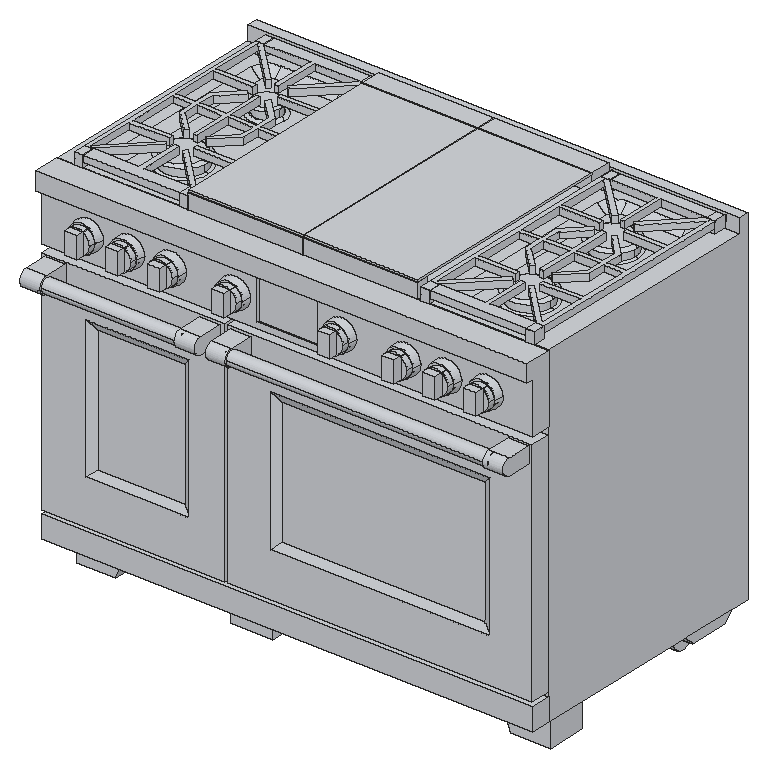
Revit family "DF48450DG_S_P", category Generic Models, Revit 2020
Family settings
  Can host rebar = No
  Round Connector Dimension = Use Diameter
  Part Type = Normal
  Work Plane-Based = No
  Always vertical = Yes
  Cut with Voids When Loaded = No
  Shared = No
  Room Calculation Point = No
Parameters
  Default Elevation = 0' - 0"
Reference planes (in)
  plane 1 "Center (Front/Back)": y = 0
  plane 2: z = 0
  plane 3 "Center (Left/Right)": x = 0
Forms (in)
  Extrusion 1, solid
    sketch origin (0, 0, 0) x (0, 1, 0) y (0, 0, 1)
      loop
        line (1.88976, 35.59055) -> (-0.70866, 35.59055) -> (-0.70866, 33.89764) -> (0, 33.89764) -> (0, 28.9252) -> (1.88976, 28.9252) -> (1.88976, 35.59055)
    from 0 to 47.87401
  Extrusion 2, solid
    sketch origin (0, 0, 0) x (0, 1, 0) y (0, 0, 1)
      loop
        line (26.14173, 36.9685) -> (25.15748, 36.9685) -> (25.15748, 35.59055) -> (1.9685, 35.59055) -> (1.9685, 3.14961) -> (26.14173, 3.14961) -> (26.14173, 36.9685)
    from 0 to 47.87401
  Extrusion 3, solid
    sketch origin (0, 0, 0) x (0, 1, 0) y (0, 0, 1)
      loop
        line (1.9685, 5.31496) -> (0, 5.31496) -> (0, 3.14961) -> (1.9685, 3.14961) -> (1.9685, 5.31496)
    from 0 to 47.87401
  Extrusion 4, solid
    sketch origin (0, 0, 0) x (0, 1, 0) y (0, 0, 1)
      loop
        line (0, 28.18898) -> (0, 5.70866) -> (1.9685, 5.70866) -> (1.9685, 28.18898) -> (0, 28.18898)
    from 0 to 17.79528
  Extrusion 5, solid
    sketch origin (0, 0, 0) x (0, 1, 0) y (0, 0, 1)
      loop
        line (0, 26.41732) -> (0, 27.99213) -> (-2.3622, 27.99213)
        arc (-2.3622, 27.99213) -> (-3.14961, 27.20472) -> (-2.3622, 26.41732) r 0.7874
        line (-2.3622, 26.41732) -> (0, 26.41732)
    from 0.40557 to 2.36419
  Extrusion 6, solid
    sketch origin (26.75, 0, 0) x (0, 1, 0) y (0, 0, 1)
      loop
        line (0, 26.41732) -> (0, 27.99213) -> (-2.3622, 27.99213)
        arc (-2.3622, 27.99213) -> (-3.14961, 27.20472) -> (-2.3622, 26.41732) r 0.7874
        line (-2.3622, 26.41732) -> (0, 26.41732)
    from -11.31693 to -9.35529
  Extrusion 7, solid
    sketch origin (0, 0, 0) x (0, 1, 0) y (0, 0, 1)
      loop
        circle (-2.41707, 27.24489) r 0.66649
    from 1.8261 to 15.89362
  Extrusion 8, solid
    sketch origin (0, 0, 0) x (1, 0, 0) y (0, 0, 1)
      loop
        line (0.84646, 3.14961) -> (0.84646, 0) -> (4.66535, 0) -> (5.90551, 3.14961) -> (0.84646, 3.14961)
    from -7.02923 to -3.18791
  Extrusion 9, solid
    sketch origin (17.99213, 0, 0) x (1, 0, 0) y (0, 0, 1)
      loop
        line (23.97638, 3.14961) -> (25.21654, 0) -> (29.03543, 0) -> (29.03543, 3.14961) -> (23.97638, 3.14961)
    from -7.02923 to -3.18791
  Extrusion 10, solid
    sketch origin (0, 0, 0) x (0, 1, 0) y (0, 0, 1)
      loop
        line (24.17323, 3.14961) -> (18.66142, 3.14961) -> (19.45248, 2.27893) -> (23.38927, 2.27893) -> (24.17323, 3.14961)
    from 0 to 4.72441
  Extrusion 11, solid
    sketch origin (0, 0, 0) x (0, 1, 0) y (0, 0, 1)
      loop
        line (22.5954, 2.27893) -> (20.23924, 2.27893) -> (21.02362, 1.10236) -> (21.81102, 1.10236) -> (22.5954, 2.27893)
    from 1.5748 to 3.93701
  Extrusion 12, solid
    sketch origin (0, 0, 0) x (0, 1, 0) y (0, 0, 1)
      loop
        circle (21.41732, 1.10236) r 1.1236
    from 2.55906 to 2.95276
  Extrusion 13, solid
    sketch origin (43.14961, 0, 0) x (0, 1, 0) y (0, 0, 1)
      loop
        line (24.17323, 3.14961) -> (18.66142, 3.14961) -> (19.45248, 2.27893) -> (23.38927, 2.27893) -> (24.17323, 3.14961)
    from 0 to 4.72441
  Extrusion 14, solid
    sketch origin (42.36522, 0, 0) x (0, 1, 0) y (0, 0, 1)
      loop
        line (22.5954, 2.27893) -> (20.23924, 2.27893) -> (21.02362, 1.10236) -> (21.81102, 1.10236) -> (22.5954, 2.27893)
    from 1.5748 to 3.93701
  Extrusion 15, solid
    sketch origin (42.36522, 0, 0) x (0, 1, 0) y (0, 0, 1)
      loop
        circle (21.41732, 1.10236) r 1.1236
    from 2.55906 to 2.95276
  Blend 16, solid
    base sketch origin (0.90551, 0, 0) x (1, 0, 0) y (0, 0, 1)
      loop
        circle (3.62205, 31.31299) r 1.45314
    top sketch origin (0.90551, 0, 0) x (1, 0, 0) y (0, 0, 1)
      loop
        circle (3.62205, 31.31299) r 1.33532
    from 0 to 0.7874
  Extrusion 17, solid
    sketch origin (0.90551, 0, 0) x (1, 0, 0) y (0, 0, 1)
      loop
        circle (3.62205, 31.31299) r 1.21601
    from 0 to 1.37795
  Extrusion 18, solid
    sketch origin (0.90551, 0, 0) x (1, 0, 0) y (0, 0, 1)
      loop
        line (3.0315, 32.37598) -> (3.0315, 30.29013) -> (4.2126, 30.29013) -> (4.2126, 32.37598) -> (3.0315, 32.37598)
    from 0 to 2.15573
  Blend 19, solid, not visible
    base sketch origin (0, 0, 0) x (1, 0, 0) y (0, 0, 1)
      loop
        circle (3.62205, 31.31299) r 1.45314
    top sketch origin (0, 0, 0) x (1, 0, 0) y (0, 0, 1)
      loop
        circle (3.62205, 31.31299) r 1.33532
    from 0 to 0.7874
  Extrusion 20, solid, not visible
    sketch origin (0, 0, 0) x (1, 0, 0) y (0, 0, 1)
      loop
        circle (3.62205, 31.31299) r 1.21601
    from 0 to 1.37795
  Extrusion 21, solid, not visible
    sketch origin (0, 0, 0) x (1, 0, 0) y (0, 0, 1)
      loop
        line (3.0315, 32.37598) -> (3.0315, 30.29013) -> (4.2126, 30.29013) -> (4.2126, 32.37598) -> (3.0315, 32.37598)
    from 0 to 2.15573
  Blend 22, solid
    base sketch origin (4.92126, 0, 0) x (1, 0, 0) y (0, 0, 1)
      loop
        circle (3.62205, 31.31299) r 1.45314
    top sketch origin (4.92126, 0, 0) x (1, 0, 0) y (0, 0, 1)
      loop
        circle (3.62205, 31.31299) r 1.33532
    from 0 to 0.7874
  Extrusion 23, solid
    sketch origin (4.92126, 0, 0) x (1, 0, 0) y (0, 0, 1)
      loop
        circle (3.62205, 31.31299) r 1.21601
    from 0 to 1.37795
  Extrusion 24, solid
    sketch origin (4.92126, 0, 0) x (1, 0, 0) y (0, 0, 1)
      loop
        line (3.0315, 32.37598) -> (3.0315, 30.29013) -> (4.2126, 30.29013) -> (4.2126, 32.37598) -> (3.0315, 32.37598)
    from 0 to 2.15573
  Blend 25, solid
    base sketch origin (9.00306, 0, 0) x (1, 0, 0) y (0, 0, 1)
      loop
        circle (3.62205, 31.31299) r 1.45314
    top sketch origin (9.00306, 0, 0) x (1, 0, 0) y (0, 0, 1)
      loop
        circle (3.62205, 31.31299) r 1.33532
    from 0 to 0.7874
  Extrusion 26, solid
    sketch origin (9.00306, 0, 0) x (1, 0, 0) y (0, 0, 1)
      loop
        circle (3.62205, 31.31299) r 1.21601
    from 0 to 1.37795
  Extrusion 27, solid
    sketch origin (9.00306, 0, 0) x (1, 0, 0) y (0, 0, 1)
      loop
        line (3.0315, 32.37598) -> (3.0315, 30.29013) -> (4.2126, 30.29013) -> (4.2126, 32.37598) -> (3.0315, 32.37598)
    from 0 to 2.15573
  Blend 28, solid
    base sketch origin (15.23622, 0, 0) x (1, 0, 0) y (0, 0, 1)
      loop
        circle (3.62205, 31.31299) r 1.45314
    top sketch origin (15.23622, 0, 0) x (1, 0, 0) y (0, 0, 1)
      loop
        circle (3.62205, 31.31299) r 1.33532
    from 0 to 0.7874
  Extrusion 29, solid
    sketch origin (15.23622, 0, 0) x (1, 0, 0) y (0, 0, 1)
      loop
        circle (3.62205, 31.31299) r 1.21601
    from 0 to 1.37795
  Extrusion 30, solid
    sketch origin (15.23622, 0, 0) x (1, 0, 0) y (0, 0, 1)
      loop
        line (3.0315, 32.37598) -> (3.0315, 30.29013) -> (4.2126, 30.29013) -> (4.2126, 32.37598) -> (3.0315, 32.37598)
    from 0 to 2.15573
  Blend 31, solid
    base sketch origin (25.59072, 0, 0) x (1, 0, 0) y (0, 0, 1)
      loop
        circle (3.62205, 31.31299) r 1.45314
    top sketch origin (25.59072, 0, 0) x (1, 0, 0) y (0, 0, 1)
      loop
        circle (3.62205, 31.31299) r 1.33532
    from 0 to 0.7874
  Extrusion 32, solid
    sketch origin (25.59072, 0, 0) x (1, 0, 0) y (0, 0, 1)
      loop
        circle (3.62205, 31.31299) r 1.21601
    from 0 to 1.37795
  Extrusion 33, solid
    sketch origin (25.59072, 0, 0) x (1, 0, 0) y (0, 0, 1)
      loop
        line (3.0315, 32.37598) -> (3.0315, 30.29013) -> (4.2126, 30.29013) -> (4.2126, 32.37598) -> (3.0315, 32.37598)
    from 0 to 2.15573
  Extrusion 34, void
    sketch origin (0, 0, 0) x (1, 0, 0) y (0, 0, 1)
      loop
        line (26.89068, 33.47638) -> (20.99005, 33.47638) -> (20.99005, 29.46063) -> (26.89068, 29.46063) -> (26.89068, 33.47638)
    from -0.22861 to 12
  Blend 35, void
    base sketch origin (0, 0, 0) x (1, 0, 0) y (0, 0, 1)
      loop
        line (5.09843, 23.05118) -> (5.09843, 10.84646) -> (13.58268, 10.84646) -> (13.58268, 23.05118) -> (5.09843, 23.05118)
    top sketch origin (0, 0, 0) x (1, 0, 0) y (0, 0, 1)
      loop
        line (14.37008, 23.83858) -> (4.31102, 23.83858) -> (4.31102, 10.05905) -> (14.37008, 10.05905) -> (14.37008, 23.83858)
    from -0.3937 to 0
  Blend 36, void
    base sketch origin (0.17716, 0, 0) x (1, 0, 0) y (0, 1, 0)
      loop
        arc (4.14855, 22.95276) -> (3.56747, 22.71206) -> (3.32677, 22.13098) r 0.82178
        line (3.32677, 22.13098) -> (3.32677, 4.8769)
        arc (3.32677, 4.8769) -> (3.56747, 4.29581) -> (4.14855, 4.05512) r 0.82178
        line (4.14855, 4.05512) -> (9.98531, 4.05512)
        arc (9.98531, 4.05512) -> (10.56639, 4.29581) -> (10.80709, 4.8769) r 0.82178
        line (10.80709, 4.8769) -> (10.80709, 22.13098)
        arc (10.80709, 22.13098) -> (10.56639, 22.71206) -> (9.98531, 22.95276) r 0.82178
        line (9.98531, 22.95276) -> (4.14855, 22.95276)
    top sketch origin (0.17716, 0, 0) x (1, 0, 0) y (0, 1, 0)
      loop
        arc (4.12346, 23.74016) -> (2.98272, 23.26764) -> (2.5102, 22.1269) r 1.61326
        line (2.5102, 22.1269) -> (2.5102, 4.8769)
        arc (2.5102, 4.8769) -> (2.98101, 3.74026) -> (4.11765, 3.26945) r 1.60744
        line (4.11765, 3.26945) -> (10.0306, 3.26945)
        arc (10.0306, 3.26945) -> (11.13644, 3.7275) -> (11.59449, 4.83334) r 1.56388
        line (11.59449, 4.83334) -> (11.59449, 22.13098)
        arc (11.59449, 22.13098) -> (11.12317, 23.26884) -> (9.98531, 23.74016) r 1.60918
        line (9.98531, 23.74016) -> (4.12346, 23.74016)
    from 34.80848 to 35.59055
  Extrusion 37, solid
    sketch origin (0.17716, 0, 0) x (1, 0, 0) y (0, 1, 0)
      loop
        line (1.55512, 25.15748) -> (1.55512, 1.88976) -> (12.57874, 1.88976) -> (12.57874, 25.15748) -> (1.55512, 25.15748)
      loop
        line (2.22659, 23.93701) -> (6.25887, 19.90473) -> (5.97639, 19.62225) -> (1.94342, 23.65522) -> (1.94342, 18.58268) -> (5.88583, 18.58268) -> (5.88583, 18.18898) -> (1.94342, 18.18898) -> (1.94342, 13.70079) -> (3.91732, 13.70079) -> (3.91732, 15.35713) -> (5.94192, 17.38172) -> (6.22031, 17.10333) -> (4.31102, 15.19405) -> (4.31102, 13.70079) -> (6.87008, 13.70079) -> (6.87008, 17.27886) -> (7.26545, 17.27886) -> (7.26545, 13.70079) -> (9.82036, 13.70079) -> (9.82036, 15.19738) -> (7.91548, 17.10225) -> (8.19345, 17.38021) -> (10.21654, 15.35713) -> (10.21654, 13.70079) -> (12.18504, 13.70079) -> (12.18504, 18.18898) -> (8.24803, 18.18898) -> (8.24803, 18.58268) -> (12.18504, 18.58268) -> (12.18504, 23.65908) -> (8.15161, 19.62565) -> (7.86344, 19.91382) -> (11.88664, 23.93701) -> (7.26378, 23.93701) -> (7.26378, 19.6063) -> (6.87008, 19.6063) -> (6.87008, 23.93701) -> (2.22659, 23.93701)
      loop
        line (9.82036, 11.79288) -> (9.82036, 13.30709) -> (7.26545, 13.30709) -> (7.26545, 9.74409) -> (6.87008, 9.74409) -> (6.87008, 13.30709) -> (4.31102, 13.30709) -> (4.31102, 11.81382) -> (6.22187, 9.90297) -> (5.94348, 9.62459) -> (3.91732, 11.65075) -> (3.91732, 13.31073) -> (1.94342, 13.31073) -> (1.94342, 8.38583) -> (5.88583, 8.38583) -> (5.88583, 7.99213) -> (1.94342, 7.99213) -> (1.94342, 3.37305) -> (5.97438, 7.40401) -> (6.26736, 7.11102) -> (2.22655, 3.07021) -> (6.86986, 3.07021) -> (6.86986, 7.40401) -> (7.26545, 7.40401) -> (7.26545, 3.07021) -> (11.90457, 3.07021) -> (7.84812, 7.12666) -> (8.11918, 7.39772) -> (12.18504, 3.33186) -> (12.18504, 7.99213) -> (8.24803, 7.99213) -> (8.24803, 8.38583) -> (12.18504, 8.38583) -> (12.18504, 13.30709) -> (10.21654, 13.30709) -> (10.21654, 11.65075) -> (8.19038, 9.62459) -> (7.92122, 9.89374) -> (9.82036, 11.79288)
    from 36.10253 to 36.77165
  Extrusion 38, solid
    sketch origin (0.17716, 0, 0) x (1, 0, 0) y (0, 1, 0)
      loop
        line (11.79134, 3.07021) -> (11.79134, 1.88976) -> (12.57874, 1.88976) -> (12.57874, 3.07021) -> (11.79134, 3.07021)
      loop
        line (12.57874, 25.11811) -> (11.79134, 25.11811) -> (11.79134, 23.93701) -> (12.57874, 23.93701) -> (12.57874, 25.11811)
      loop
        line (1.55512, 25.11811) -> (1.55512, 23.93701) -> (2.34252, 23.93701) -> (2.34252, 25.11811) -> (1.55512, 25.11811)
      loop
        line (2.34252, 3.07021) -> (1.55512, 3.07021) -> (1.55512, 1.88976) -> (2.34252, 1.88976) -> (2.34252, 3.07021)
    from 35.59055 to 36.77165
  Extrusion 39, solid
    sketch origin (33.91732, 0, 0) x (1, 0, 0) y (0, 1, 0)
      loop
        line (1.55512, 25.15748) -> (1.55512, 1.88976) -> (12.57874, 1.88976) -> (12.57874, 25.15748) -> (1.55512, 25.15748)
      loop
        line (2.22659, 23.93701) -> (6.25887, 19.90473) -> (5.97639, 19.62225) -> (1.94342, 23.65522) -> (1.94342, 18.58268) -> (5.88583, 18.58268) -> (5.88583, 18.18898) -> (1.94342, 18.18898) -> (1.94342, 13.70079) -> (3.91732, 13.70079) -> (3.91732, 15.35713) -> (5.94192, 17.38172) -> (6.22031, 17.10333) -> (4.31102, 15.19405) -> (4.31102, 13.70079) -> (6.87008, 13.70079) -> (6.87008, 17.27886) -> (7.26545, 17.27886) -> (7.26545, 13.70079) -> (9.82036, 13.70079) -> (9.82036, 15.19738) -> (7.91548, 17.10225) -> (8.19345, 17.38021) -> (10.21654, 15.35713) -> (10.21654, 13.70079) -> (12.18504, 13.70079) -> (12.18504, 18.18898) -> (8.24803, 18.18898) -> (8.24803, 18.58268) -> (12.18504, 18.58268) -> (12.18504, 23.65908) -> (8.15161, 19.62565) -> (7.86344, 19.91382) -> (11.88664, 23.93701) -> (7.26378, 23.93701) -> (7.26378, 19.6063) -> (6.87008, 19.6063) -> (6.87008, 23.93701) -> (2.22659, 23.93701)
      loop
        line (9.82036, 11.79288) -> (9.82036, 13.30709) -> (7.26545, 13.30709) -> (7.26545, 9.74409) -> (6.87008, 9.74409) -> (6.87008, 13.30709) -> (4.31102, 13.30709) -> (4.31102, 11.81382) -> (6.22187, 9.90297) -> (5.94348, 9.62459) -> (3.91732, 11.65075) -> (3.91732, 13.31073) -> (1.94342, 13.31073) -> (1.94342, 8.38583) -> (5.88583, 8.38583) -> (5.88583, 7.99213) -> (1.94342, 7.99213) -> (1.94342, 3.37305) -> (5.97438, 7.40401) -> (6.26736, 7.11102) -> (2.22655, 3.07021) -> (6.86986, 3.07021) -> (6.86986, 7.40401) -> (7.26545, 7.40401) -> (7.26545, 3.07021) -> (11.90457, 3.07021) -> (7.84812, 7.12666) -> (8.11918, 7.39772) -> (12.18504, 3.33186) -> (12.18504, 7.99213) -> (8.24803, 7.99213) -> (8.24803, 8.38583) -> (12.18504, 8.38583) -> (12.18504, 13.30709) -> (10.21654, 13.30709) -> (10.21654, 11.65075) -> (8.19038, 9.62459) -> (7.92122, 9.89374) -> (9.82036, 11.79288)
    from 36.10253 to 36.77165
  Extrusion 40, solid
    sketch origin (33.91732, 0, 0) x (1, 0, 0) y (0, 1, 0)
      loop
        line (11.79134, 3.07021) -> (11.79134, 1.88976) -> (12.57874, 1.88976) -> (12.57874, 3.07021) -> (11.79134, 3.07021)
      loop
        line (12.57874, 25.11811) -> (11.79134, 25.11811) -> (11.79134, 23.93701) -> (12.57874, 23.93701) -> (12.57874, 25.11811)
      loop
        line (1.55512, 25.11811) -> (1.55512, 23.93701) -> (2.34252, 23.93701) -> (2.34252, 25.11811) -> (1.55512, 25.11811)
      loop
        line (2.34252, 3.07021) -> (1.55512, 3.07021) -> (1.55512, 1.88976) -> (2.34252, 1.88976) -> (2.34252, 3.07021)
    from 35.59055 to 36.77165
  Blend 41, solid
    base sketch origin (0.17716, 0, 0) x (1, 0, 0) y (0, 1, 0)
      loop
        circle (7.09071, 18.35456) r 1.75898
    top sketch origin (0.17716, 0, 0) x (1, 0, 0) y (0, 1, 0)
      loop
        circle (7.09071, 18.35456) r 1.42487
    from 34.80848 to 34.99711
  Blend 42, solid
    base sketch origin (0.17716, -10.19685, 0) x (1, 0, 0) y (0, 1, 0)
      loop
        circle (7.09071, 18.35456) r 2.38325
    top sketch origin (0.17716, -10.19685, 0) x (1, 0, 0) y (0, 1, 0)
      loop
        circle (7.09071, 18.35456) r 2
    from 34.80848 to 34.99711
  Extrusion 43, solid
    sketch origin (0.17716, 0, 0) x (1, 0, 0) y (0, 1, 0)
      loop
        circle (7.10752, 18.34098) r 1.28657
    from 34.80848 to 35.7874
  Extrusion 44, solid
    sketch origin (0.17716, -10.19685, 0) x (1, 0, 0) y (0, 1, 0)
      loop
        circle (7.10752, 18.34098) r 2.08832
    from 34.80848 to 35.7874
  Blend 45, solid
    base sketch origin (0.17716, 0, 0.97892) x (1, 0, 0) y (0, 1, 0)
      loop
        circle (7.09071, 18.35456) r 1.42487
    top sketch origin (0.17716, 0, 0.97892) x (1, 0, 0) y (0, 1, 0)
      loop
        circle (7.09071, 18.35456) r 1.25
    from 34.80848 to 34.99711
  Blend 46, solid
    base sketch origin (0.17716, -10.19685, 0.97892) x (1, 0, 0) y (0, 1, 0)
      loop
        circle (7.09071, 18.35456) r 2.38325
    top sketch origin (0.17716, -10.19685, 0.97892) x (1, 0, 0) y (0, 1, 0)
      loop
        circle (7.09071, 18.35456) r 2
    from 34.80848 to 34.99711
  Blend 47, solid
    base sketch origin (33.91732, 0, 0) x (1, 0, 0) y (0, 1, 0)
      loop
        circle (7.09071, 18.35456) r 2.38325
    top sketch origin (33.91732, 0, 0) x (1, 0, 0) y (0, 1, 0)
      loop
        circle (7.09071, 18.35456) r 2
    from 34.80848 to 34.99711
  Extrusion 48, solid
    sketch origin (33.91732, 0, 0) x (1, 0, 0) y (0, 1, 0)
      loop
        circle (7.10752, 18.34098) r 2.08832
    from 34.80848 to 35.7874
  Blend 49, solid
    base sketch origin (33.91732, 0, 0.97892) x (1, 0, 0) y (0, 1, 0)
      loop
        circle (7.09071, 18.35456) r 2.38325
    top sketch origin (33.91732, 0, 0.97892) x (1, 0, 0) y (0, 1, 0)
      loop
        circle (7.09071, 18.35456) r 2
    from 34.80848 to 34.99711
  Blend 50, solid
    base sketch origin (33.91732, -10.19685, 0) x (1, 0, 0) y (0, 1, 0)
      loop
        circle (7.09071, 18.35456) r 2.38325
    top sketch origin (33.91732, -10.19685, 0) x (1, 0, 0) y (0, 1, 0)
      loop
        circle (7.09071, 18.35456) r 2
    from 34.80848 to 34.99711
  Extrusion 51, solid
    sketch origin (33.91732, -10.19685, 0) x (1, 0, 0) y (0, 1, 0)
      loop
        circle (7.10752, 18.34098) r 2.08832
    from 34.80848 to 35.7874
  Blend 52, solid
    base sketch origin (33.91732, -10.19685, 0.97892) x (1, 0, 0) y (0, 1, 0)
      loop
        circle (7.09071, 18.35456) r 2.38325
    top sketch origin (33.91732, -10.19685, 0.97892) x (1, 0, 0) y (0, 1, 0)
      loop
        circle (7.09071, 18.35456) r 2
    from 34.80848 to 34.99711
  Blend 53, solid
    base sketch origin (10.93176, 0, 0) x (1, 0, 0) y (0, 1, 0)
      loop
        circle (7.09071, 18.35456) r 1.75898
    top sketch origin (10.93176, 0, 0) x (1, 0, 0) y (0, 1, 0)
      loop
        circle (7.09071, 18.35456) r 1.42487
    from 34.80848 to 34.99711
  Extrusion 54, solid
    sketch origin (15.82677, 0, 0) x (0, 1, 0) y (0, 0, 1)
      loop
        line (24.17323, 3.14961) -> (18.66142, 3.14961) -> (19.45248, 2.27893) -> (23.38927, 2.27893) -> (24.17323, 3.14961)
    from -0.7874 to 4.72441
  Extrusion 55, solid
    sketch origin (15.03937, 0, 0) x (0, 1, 0) y (0, 0, 1)
      loop
        line (22.5954, 2.27893) -> (20.23924, 2.27893) -> (21.02362, 1.10236) -> (21.81102, 1.10236) -> (22.5954, 2.27893)
    from 1.5748 to 3.93701
  Extrusion 56, solid
    sketch origin (15.03937, 0, 0) x (0, 1, 0) y (0, 0, 1)
      loop
        circle (21.41732, 1.10236) r 1.1236
    from 2.55906 to 2.95276
  Extrusion 57, solid
    sketch origin (0, 0, 0) x (1, 0, 0) y (0, 0, 1)
      loop
        line (15.82677, 0) -> (19.96063, 0) -> (19.96063, 3.14961) -> (15.82677, 3.14961) -> (15.82677, 0)
    from -7.02923 to -3.18791
  Extrusion 58, solid
    sketch origin (30, 0, 0) x (0, 1, 0) y (0, 0, 1)
      loop
        line (0, 28.18898) -> (0, 5.70866) -> (1.9685, 5.70866) -> (1.9685, 28.18898) -> (0, 28.18898)
    from -11.88976 to 17.79528
  Blend 59, void
    base sketch origin (30, 0, 0) x (1, 0, 0) y (0, 0, 1)
      loop
        line (-6.90945, 23.05118) -> (-6.90945, 10.84646) -> (12.8937, 10.84646) -> (12.8937, 23.05118) -> (-6.90945, 23.05118)
    top sketch origin (30, 0, 0) x (1, 0, 0) y (0, 0, 1)
      loop
        line (13.6811, 23.83858) -> (-7.69685, 23.83858) -> (-7.69685, 10.05905) -> (13.6811, 10.05905) -> (13.6811, 23.83858)
    from -0.3937 to 0
  Extrusion 60, solid
    sketch origin (30.06421, 0, 0) x (0, 1, 0) y (0, 0, 1)
      loop
        line (0, 26.41732) -> (0, 27.99213) -> (-2.3622, 27.99213)
        arc (-2.3622, 27.99213) -> (-3.14961, 27.20472) -> (-2.3622, 26.41732) r 0.7874
        line (-2.3622, 26.41732) -> (0, 26.41732)
    from -11.59142 to -9.6695
  Extrusion 61, solid
    sketch origin (56.81421, 0, 0) x (0, 1, 0) y (0, 0, 1)
      loop
        line (0, 26.41732) -> (0, 27.99213) -> (-2.3622, 27.99213)
        arc (-2.3622, 27.99213) -> (-3.14961, 27.20472) -> (-2.3622, 26.41732) r 0.7874
        line (-2.3622, 26.41732) -> (0, 26.41732)
    from -11.31693 to -9.35529
  Extrusion 62, solid
    sketch origin (30.06421, 0, 0) x (0, 1, 0) y (0, 0, 1)
      loop
        circle (-2.41707, 27.24489) r 0.66649
    from -9.85108 to 15.89362
  Blend 63, solid
    base sketch origin (31.84072, 0, 0) x (1, 0, 0) y (0, 0, 1)
      loop
        circle (3.62205, 31.31299) r 1.45314
    top sketch origin (31.84072, 0, 0) x (1, 0, 0) y (0, 0, 1)
      loop
        circle (3.62205, 31.31299) r 1.33532
    from 0 to 0.7874
  Extrusion 64, solid
    sketch origin (31.84072, 0, 0) x (1, 0, 0) y (0, 0, 1)
      loop
        circle (3.62205, 31.31299) r 1.21601
    from 0 to 1.37795
  Extrusion 65, solid
    sketch origin (31.84072, 0, 0) x (1, 0, 0) y (0, 0, 1)
      loop
        line (3.0315, 32.37598) -> (3.0315, 30.29013) -> (4.2126, 30.29013) -> (4.2126, 32.37598) -> (3.0315, 32.37598)
    from 0 to 2.15573
  Blend 66, solid
    base sketch origin (35.84072, 0, 0) x (1, 0, 0) y (0, 0, 1)
      loop
        circle (3.62205, 31.31299) r 1.45314
    top sketch origin (35.84072, 0, 0) x (1, 0, 0) y (0, 0, 1)
      loop
        circle (3.62205, 31.31299) r 1.33532
    from 0 to 0.7874
  Extrusion 67, solid
    sketch origin (35.84072, 0, 0) x (1, 0, 0) y (0, 0, 1)
      loop
        circle (3.62205, 31.31299) r 1.21601
    from 0 to 1.37795
  Extrusion 68, solid
    sketch origin (35.84072, 0, 0) x (1, 0, 0) y (0, 0, 1)
      loop
        line (3.0315, 32.37598) -> (3.0315, 30.29013) -> (4.2126, 30.29013) -> (4.2126, 32.37598) -> (3.0315, 32.37598)
    from 0 to 2.15573
  Blend 69, solid
    base sketch origin (39.84072, 0, 0) x (1, 0, 0) y (0, 0, 1)
      loop
        circle (3.62205, 31.31299) r 1.45314
    top sketch origin (39.84072, 0, 0) x (1, 0, 0) y (0, 0, 1)
      loop
        circle (3.62205, 31.31299) r 1.33532
    from 0 to 0.7874
  Extrusion 70, solid
    sketch origin (39.84072, 0, 0) x (1, 0, 0) y (0, 0, 1)
      loop
        circle (3.62205, 31.31299) r 1.21601
    from 0 to 1.37795
  Extrusion 71, solid
    sketch origin (39.84072, 0, 0) x (1, 0, 0) y (0, 0, 1)
      loop
        line (3.0315, 32.37598) -> (3.0315, 30.29013) -> (4.2126, 30.29013) -> (4.2126, 32.37598) -> (3.0315, 32.37598)
    from 0 to 2.15573
  Blend 72, void
    base sketch origin (33.91732, 0, 0) x (1, 0, 0) y (0, 1, 0)
      loop
        arc (4.14855, 22.95276) -> (3.56747, 22.71206) -> (3.32677, 22.13098) r 0.82178
        line (3.32677, 22.13098) -> (3.32677, 4.8769)
        arc (3.32677, 4.8769) -> (3.56747, 4.29581) -> (4.14855, 4.05512) r 0.82178
        line (4.14855, 4.05512) -> (9.98531, 4.05512)
        arc (9.98531, 4.05512) -> (10.56639, 4.29581) -> (10.80709, 4.8769) r 0.82178
        line (10.80709, 4.8769) -> (10.80709, 22.13098)
        arc (10.80709, 22.13098) -> (10.56639, 22.71206) -> (9.98531, 22.95276) r 0.82178
        line (9.98531, 22.95276) -> (4.14855, 22.95276)
    top sketch origin (33.91732, 0, 0) x (1, 0, 0) y (0, 1, 0)
      loop
        arc (4.12346, 23.74016) -> (2.98272, 23.26764) -> (2.5102, 22.1269) r 1.61326
        line (2.5102, 22.1269) -> (2.5102, 4.8769)
        arc (2.5102, 4.8769) -> (2.98101, 3.74026) -> (4.11765, 3.26945) r 1.60744
        line (4.11765, 3.26945) -> (10.0306, 3.26945)
        arc (10.0306, 3.26945) -> (11.13644, 3.7275) -> (11.59449, 4.83334) r 1.56388
        line (11.59449, 4.83334) -> (11.59449, 22.13098)
        arc (11.59449, 22.13098) -> (11.12317, 23.26884) -> (9.98531, 23.74016) r 1.60918
        line (9.98531, 23.74016) -> (4.12346, 23.74016)
    from 34.80848 to 35.59055
  Blend 73, void, not visible
    base sketch origin (-0.55118, 0, 0) x (1, 0, 0) y (0, 1, 0)
      loop
        arc (4.14855, 22.95276) -> (3.56747, 22.71206) -> (3.32677, 22.13098) r 0.82178
        line (3.32677, 22.13098) -> (3.32677, 4.8769)
        arc (3.32677, 4.8769) -> (3.56747, 4.29581) -> (4.14855, 4.05512) r 0.82178
        line (4.14855, 4.05512) -> (9.98531, 4.05512)
        arc (9.98531, 4.05512) -> (10.56639, 4.29581) -> (10.80709, 4.8769) r 0.82178
        line (10.80709, 4.8769) -> (10.80709, 22.13098)
        arc (10.80709, 22.13098) -> (10.56639, 22.71206) -> (9.98531, 22.95276) r 0.82178
        line (9.98531, 22.95276) -> (4.14855, 22.95276)
    top sketch origin (-0.55118, 0, 0) x (1, 0, 0) y (0, 1, 0)
      loop
        arc (4.12346, 23.74016) -> (2.98272, 23.26764) -> (2.5102, 22.1269) r 1.61326
        line (2.5102, 22.1269) -> (2.5102, 4.8769)
        arc (2.5102, 4.8769) -> (2.98101, 3.74026) -> (4.11765, 3.26945) r 1.60744
        line (4.11765, 3.26945) -> (10.0306, 3.26945)
        arc (10.0306, 3.26945) -> (11.13644, 3.7275) -> (11.59449, 4.83334) r 1.56388
        line (11.59449, 4.83334) -> (11.59449, 22.13098)
        arc (11.59449, 22.13098) -> (11.12317, 23.26884) -> (9.98531, 23.74016) r 1.60918
        line (9.98531, 23.74016) -> (4.12346, 23.74016)
    from 34.80848 to 35.59055
  Extrusion 74, solid, not visible
    sketch origin (-0.55118, 0, 0) x (1, 0, 0) y (0, 1, 0)
      loop
        line (1.55512, 25.15748) -> (1.55512, 1.88976) -> (12.57874, 1.88976) -> (12.57874, 25.15748) -> (1.55512, 25.15748)
      loop
        line (2.22659, 23.93701) -> (6.25887, 19.90473) -> (5.97639, 19.62225) -> (1.94342, 23.65522) -> (1.94342, 18.58268) -> (5.88583, 18.58268) -> (5.88583, 18.18898) -> (1.94342, 18.18898) -> (1.94342, 13.70079) -> (3.91732, 13.70079) -> (3.91732, 15.35713) -> (5.94192, 17.38172) -> (6.22031, 17.10333) -> (4.31102, 15.19405) -> (4.31102, 13.70079) -> (6.87008, 13.70079) -> (6.87008, 17.27886) -> (7.26545, 17.27886) -> (7.26545, 13.70079) -> (9.82036, 13.70079) -> (9.82036, 15.19738) -> (7.91548, 17.10225) -> (8.19345, 17.38021) -> (10.21654, 15.35713) -> (10.21654, 13.70079) -> (12.18504, 13.70079) -> (12.18504, 18.18898) -> (8.24803, 18.18898) -> (8.24803, 18.58268) -> (12.18504, 18.58268) -> (12.18504, 23.65908) -> (8.15161, 19.62565) -> (7.86344, 19.91382) -> (11.88664, 23.93701) -> (7.26378, 23.93701) -> (7.26378, 19.6063) -> (6.87008, 19.6063) -> (6.87008, 23.93701) -> (2.22659, 23.93701)
      loop
        line (9.82036, 11.79288) -> (9.82036, 13.30709) -> (7.26545, 13.30709) -> (7.26545, 9.74409) -> (6.87008, 9.74409) -> (6.87008, 13.30709) -> (4.31102, 13.30709) -> (4.31102, 11.81382) -> (6.22187, 9.90297) -> (5.94348, 9.62459) -> (3.91732, 11.65075) -> (3.91732, 13.31073) -> (1.94342, 13.31073) -> (1.94342, 8.38583) -> (5.88583, 8.38583) -> (5.88583, 7.99213) -> (1.94342, 7.99213) -> (1.94342, 3.37305) -> (5.97438, 7.40401) -> (6.26736, 7.11102) -> (2.22655, 3.07021) -> (6.86986, 3.07021) -> (6.86986, 7.40401) -> (7.26545, 7.40401) -> (7.26545, 3.07021) -> (11.90457, 3.07021) -> (7.84812, 7.12666) -> (8.11918, 7.39772) -> (12.18504, 3.33186) -> (12.18504, 7.99213) -> (8.24803, 7.99213) -> (8.24803, 8.38583) -> (12.18504, 8.38583) -> (12.18504, 13.30709) -> (10.21654, 13.30709) -> (10.21654, 11.65075) -> (8.19038, 9.62459) -> (7.92122, 9.89374) -> (9.82036, 11.79288)
    from 36.10253 to 36.77165
  Extrusion 75, solid, not visible
    sketch origin (-0.55118, 0, 0) x (1, 0, 0) y (0, 1, 0)
      loop
        line (11.79134, 3.07021) -> (11.79134, 1.88976) -> (12.57874, 1.88976) -> (12.57874, 3.07021) -> (11.79134, 3.07021)
      loop
        line (12.57874, 25.11811) -> (11.79134, 25.11811) -> (11.79134, 23.93701) -> (12.57874, 23.93701) -> (12.57874, 25.11811)
      loop
        line (1.55512, 25.11811) -> (1.55512, 23.93701) -> (2.34252, 23.93701) -> (2.34252, 25.11811) -> (1.55512, 25.11811)
      loop
        line (2.34252, 3.07021) -> (1.55512, 3.07021) -> (1.55512, 1.88976) -> (2.34252, 1.88976) -> (2.34252, 3.07021)
    from 35.59055 to 36.77165
  Blend 76, solid, not visible
    base sketch origin (-0.55118, 0, 0) x (1, 0, 0) y (0, 1, 0)
      loop
        circle (7.09071, 18.35456) r 1.75898
    top sketch origin (-0.55118, 0, 0) x (1, 0, 0) y (0, 1, 0)
      loop
        circle (7.09071, 18.35456) r 1.42487
    from 34.80848 to 34.99711
  Blend 77, solid, not visible
    base sketch origin (-0.55118, -10.19685, 0) x (1, 0, 0) y (0, 1, 0)
      loop
        circle (7.09071, 18.35456) r 2.38325
    top sketch origin (-0.55118, -10.19685, 0) x (1, 0, 0) y (0, 1, 0)
      loop
        circle (7.09071, 18.35456) r 2
    from 34.80848 to 34.99711
  Extrusion 78, solid, not visible
    sketch origin (-0.55118, 0, 0) x (1, 0, 0) y (0, 1, 0)
      loop
        circle (7.10752, 18.34098) r 1.28657
    from 34.80848 to 35.7874
  Extrusion 79, solid, not visible
    sketch origin (-0.55118, -10.19685, 0) x (1, 0, 0) y (0, 1, 0)
      loop
        circle (7.10752, 18.34098) r 2.08832
    from 34.80848 to 35.7874
  Blend 80, solid, not visible
    base sketch origin (-0.55118, 0, 0.97892) x (1, 0, 0) y (0, 1, 0)
      loop
        circle (7.09071, 18.35456) r 1.42487
    top sketch origin (-0.55118, 0, 0.97892) x (1, 0, 0) y (0, 1, 0)
      loop
        circle (7.09071, 18.35456) r 1.25
    from 34.80848 to 34.99711
  Blend 81, solid, not visible
    base sketch origin (-0.55118, -10.19685, 0.97892) x (1, 0, 0) y (0, 1, 0)
      loop
        circle (7.09071, 18.35456) r 2.38325
    top sketch origin (-0.55118, -10.19685, 0.97892) x (1, 0, 0) y (0, 1, 0)
      loop
        circle (7.09071, 18.35456) r 2
    from 34.80848 to 34.99711
  Extrusion 82, solid
    sketch origin (0, 0, 0) x (1, 0, 0) y (0, 1, 0)
      loop
        line (23.93701, 23.14961) -> (23.93701, 25.15748) -> (12.75591, 25.15748) -> (12.75591, 23.14961) -> (23.93701, 23.14961)
    from 35.59055 to 37.27863
  Extrusion 83, solid
    sketch origin (0, -10.62992, 0) x (1, 0, 0) y (0, 1, 0)
      loop
        line (23.93701, 12.59843) -> (23.93701, 33.77953) -> (12.75591, 33.77953) -> (12.75591, 12.59843) -> (23.93701, 12.59843)
    from 37.09028 to 37.27863
  Extrusion 84, solid
    sketch origin (0, -15.51134, 0) x (1, 0, 0) y (0, 1, 0)
      loop
        line (23.93701, 17.4011) -> (23.93701, 18.58155) -> (12.75591, 18.58155) -> (12.75591, 17.4011) -> (23.93701, 17.4011)
    from 35.59055 to 37.01222
  Extrusion 85, solid
    sketch origin (11.1811, 0, 0) x (1, 0, 0) y (0, 1, 0)
      loop
        line (23.93701, 23.14961) -> (23.93701, 25.15748) -> (12.75591, 25.15748) -> (12.75591, 23.14961) -> (23.93701, 23.14961)
    from 35.59055 to 37.27863
  Extrusion 86, solid
    sketch origin (11.1811, -10.62992, 0) x (1, 0, 0) y (0, 1, 0)
      loop
        line (23.93701, 12.59843) -> (23.93701, 33.77953) -> (12.75591, 33.77953) -> (12.75591, 12.59843) -> (23.93701, 12.59843)
    from 37.09028 to 37.27863
  Extrusion 87, solid
    sketch origin (11.1811, -15.51134, 0) x (1, 0, 0) y (0, 1, 0)
      loop
        line (23.93701, 17.4011) -> (23.93701, 18.58155) -> (12.75591, 18.58155) -> (12.75591, 17.4011) -> (23.93701, 17.4011)
    from 35.59055 to 37.01222
Cuts and joins
  Extrusion 34 cuts Extrusion 1
  Blend 35, Blend 59 cuts Extrusion 4
  Blend 36, Blend 72 cuts Extrusion 2
  Blend 36 cuts Extrusion 8
  Blend 36 cuts Extrusion 10
  Blend 36 cuts Extrusion 11
  Blend 59 cuts Extrusion 58
  Blend 72 cuts Blend 53
Dimensions and locks (in)
  aligned and locked: plane 2 to level
